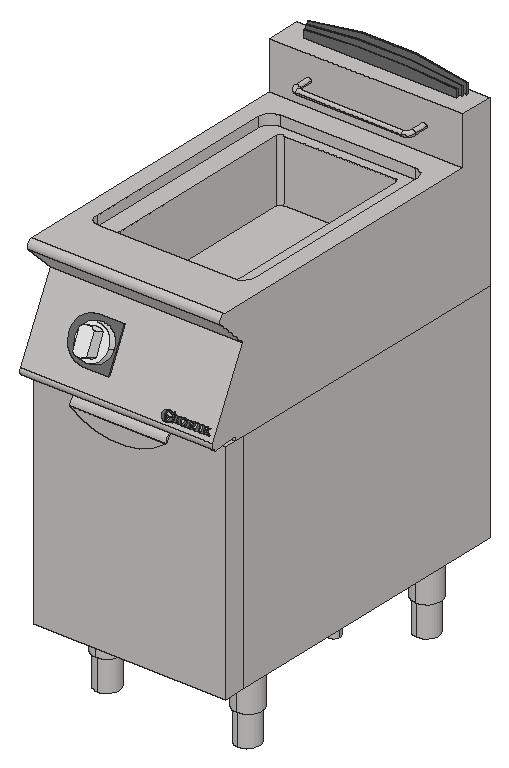
Revit family "QF_GIORIK_FG7413P", category Specialty Equipment, Revit 2014
Parameters (values of type "FG7413P")
  Weight in Pounds = 127.868
  Watts = 100 W
  Volts = 230 V
  URL Cutsheet = "www.giorik.com"
  URL = "www.giorik.com"
  Status [instance] = ""
  Specification by User [instance] = ""
  Specification by Manufacturer = ""
  Show Logo [instance] = yes
  Show Clearance [instance] = yes
  Serial Number = ""
  Seismic Rating = ""
  SMACNA No = ""
  Revision Code [instance] = ""
  Phase = 1
  Number of Poles [instance] = 1
  NAFEM Spec ID Number = ""
  Model = "FG7413P"
  Min Ckt Ampacity = 0 A
  Mechanical Remarks [instance] = "Natural Gas"
  Mechanical Connection Type [instance] = ""
  Max Overcurrent Protection = 0 A
  Masterspec = ""
  Manufacturer = "GIORIK"
  Item Number [instance] = ""
  Installed By [instance] = ""
  Identify Quantity as Lot [instance] = no
  HP = "0.134102000000"
  Gas Size = 1"
  Gas RI Height [instance] = 0 mm
  Gas KW = 12
  Gas Input = 12000 W
  Gas Connection Height [instance] = 150 mm
  Furnished By [instance] = ""
  Foodservice Equipment Identifier [instance] = yes
  FL Amps = 0 A
  Electrical Remarks [instance] = ""
  Electric Connection Type [instance] = ""
  Elec Conn RI Height [instance] = 0 mm
  Elec Conn Connection Height [instance] = 150 mm
  Description = "13 LITRE GAS FRYER."
  Cycle = 50 Hz
  Conn Plug = ""
  Conn Conduit [instance] = no
  CSI MasterFormat = ""
  Assembly Code = "E1090320"
  Apparent Power = 100 VA
Reference planes
  plane 1 "Back": y = 0
  plane 2: z = 0
  plane 3 "Left": x = 0
  plane 4 "Right": x = 400
  plane 5 "Front": y = -720
  plane 6 "Top": z = 900
Forms (mm)
  Extrusion 1, solid, visible <- "Show Logo"
    sketch origin (196.604, -736.761, 609.486) x (-1, 0, 0) y (0, 0.452718, 0.891654)
      loop
        line (-118.824, 58.358) -> (-127.804, 58.358) -> (-125.523, 56.445) -> (-125.523, 48.027) -> (-127.804, 46.113) -> (-118.824, 46.113) -> (-121.105, 48.027) -> (-121.105, 56.445) -> (-118.824, 58.358)
      loop
        line (-163.721, 58.358) -> (-172.7, 58.358) -> (-170.42, 56.445) -> (-170.42, 48.027) -> (-172.7, 46.113) -> (-163.721, 46.113) -> (-166.001, 48.027) -> (-166.001, 56.445) -> (-163.721, 58.358)
      loop
        line (-174.332, 58.358) -> (-183.312, 58.358) -> (-181.031, 56.445) -> (-181.031, 52.435) -> (-186.419, 56.955) -> (-184.416, 58.358) -> (-191.268, 58.358) -> (-188.01, 56.839) -> (-185.455, 54.283) -> (-190.846, 47.858) -> (-193.396, 46.93) -> (-193.396, 46.113) -> (-184.416, 46.113) -> (-185.437, 47.571) -> (-182.443, 51.552) -> (-181.031, 50.894) -> (-181.031, 48.027) -> (-183.312, 46.113) -> (-174.332, 46.113) -> (-176.613, 48.027) -> (-176.613, 56.445) -> (-174.332, 58.358)
      loop
        line (-115.429, 62.063) -> (-115.429, 54.198)
        arc (-115.429, 54.198) -> (-111.618, 57.803) -> (-106.847, 59.986) r 16.039
        arc (-106.847, 59.986) -> (-103.314, 59.837) -> (-100.512, 57.68) r 5.851
        arc (-100.512, 57.68) -> (-98.815, 52.267) -> (-100.512, 46.853) r 9.479
        arc (-100.512, 46.853) -> (-102.406, 44.986) -> (-104.846, 43.93) r 7.236
        arc (-104.846, 43.93) -> (-107.728, 44.111) -> (-110.052, 45.825) r 5.11
        line (-110.052, 45.825) -> (-110.052, 52.001) -> (-116.141, 52.001) -> (-116.141, 45.503) -> (-117.893, 43.751) -> (-114.094, 44.769)
        arc (-114.094, 44.769) -> (-112.56, 44.947) -> (-111.129, 44.366) r 3.115
        arc (-111.129, 44.366) -> (-104.216, 42.091) -> (-97.303, 44.366) r 11.641
        arc (-97.303, 44.366) -> (-93.396, 52.107) -> (-97.303, 59.849) r 9.622
        arc (-97.303, 59.849) -> (-104.369, 62.174) -> (-111.435, 59.849) r 11.898
        line (-111.435, 59.849) -> (-115.429, 62.063)
      loop
        arc (-129.234, 56.068) -> (-135.893, 58.628) -> (-142.552, 56.068) r 9.941
        arc (-142.552, 56.068) -> (-144.234, 52.286) -> (-142.552, 48.505) r 5.093
        arc (-142.552, 48.505) -> (-135.893, 45.945) -> (-129.234, 48.505) r 9.941
        arc (-129.234, 48.505) -> (-127.552, 52.286) -> (-129.234, 56.068) r 5.093
      loop
        arc (-132.628, 54.403) -> (-135.893, 57.668) -> (-139.158, 54.403) r 3.265
        line (-139.158, 54.403) -> (-139.158, 50.169)
        arc (-139.158, 50.169) -> (-135.893, 46.904) -> (-132.628, 50.169) r 3.265
        line (-132.628, 50.169) -> (-132.628, 54.403)
      loop
        arc (-156.363, 58.365) -> (-159.647, 55.081) -> (-156.363, 51.796) r 3.285
        line (-156.363, 51.796) -> (-159.529, 47.306) -> (-162.087, 46.113) -> (-155.847, 46.113) -> (-153.529, 51.083) -> (-150.637, 51.083) -> (-150.637, 47.784) -> (-153.022, 46.113) -> (-144.011, 46.113) -> (-146.094, 47.68) -> (-146.094, 56.493) -> (-144.229, 58.365) -> (-156.363, 58.365)
      loop
        line (-150.637, 57.512) -> (-153.637, 57.512)
        arc (-153.637, 57.512) -> (-156.237, 54.912) -> (-153.637, 52.312) r 2.6
        line (-153.637, 52.312) -> (-150.637, 52.312) -> (-150.637, 57.512)
      loop
        line (-108.924, 52.001) -> (-104.936, 49.005) -> (-100.948, 52.001) -> (-108.924, 52.001)
    from 1.5 to -0.5
  Extrusion 2, solid
    sketch origin (-16, 1025.81, 0) x (1, 0, 0) y (0, 1, 0)
      loop
        line (25, -1086.81) -> (25, -1156.81) -> (115, -1156.81) -> (115, -1086.81) -> (25, -1086.81)
    from 148 to 150
  Extrusion 3, solid
    sketch origin (-14, 0, 130) x (1, 0, 0) y (0, 1, 0)
      loop
        circle (54, -385) r 12.5
    from 0 to 20
  Extrusion 4, solid
    sketch origin (0, 1000, -20) x (0, 1, 0) y (0, 0, 1)
      loop
        line (-1000, 989.988) -> (-1070, 989.988) -> (-1070, 889.988) -> (-1688.806, 889.988)
        arc (-1688.806, 889.988) -> (-1699.151, 883.075) -> (-1696.724, 870.873) r 11.197
        line (-1696.724, 870.873) -> (-1640.876, 815.025) -> (-1718.948, 661.258)
        arc (-1718.948, 661.258) -> (-1718.233, 650.105) -> (-1708.118, 645.354) r 10.981
        line (-1708.118, 645.354) -> (-1660, 649.925) -> (-1660, 640) -> (-1000, 640) -> (-1000, 989.988)
    from 0 to 400
  Extrusion 5, solid
    sketch origin (0, 0, 599.536) x (1, 0, 0) y (0, 1, 0)
      loop
        line (0, -640) -> (40, -640) -> (40, -40) -> (360, -40) -> (360, -640) -> (400, -640) -> (400, 0) -> (0, 0) -> (0, -640)
    from -449.536 to 20.464
  Extrusion 6, solid
    sketch origin (0, 0, 0) x (1, 0, 0) y (0, 1, 0)
      loop
        line (40, -40) -> (40, -640) -> (360, -640) -> (360, -40) -> (40, -40)
    from 150 to 190
  Extrusion 7, solid
    sketch origin (-16, 560.81, 0) x (1, 0, 0) y (0, 1, 0)
      loop
        line (25, -1086.81) -> (25, -1156.81) -> (115, -1156.81) -> (115, -1086.81) -> (25, -1086.81)
    from 148 to 150
  Revolve 8, solid
    sketch origin (54, 560.81, 0) x (0, 1, 0) y (0, 0, 1)
      loop
        line (-1092.56, 66) -> (-1092.56, 148) -> (-1121.81, 148) -> (-1121.81, 0) -> (-1096.81, 0) -> (-1096.81, 66) -> (-1092.56, 66)
      axis (-1121.81, 0) -> (-1121.81, 148)
    angle from 0 to 360
  Revolve 9, solid
    sketch origin (54, 1025.81, 0) x (0, 1, 0) y (0, 0, 1)
      loop
        line (-1092.56, 66) -> (-1092.56, 148) -> (-1121.81, 148) -> (-1121.81, 0) -> (-1096.81, 0) -> (-1096.81, 66) -> (-1092.56, 66)
      axis (-1121.81, 0) -> (-1121.81, 148)
    angle from 0 to 360
  Extrusion 10, solid
    sketch origin (416, 560.81, 0) x (-1, 0, 0) y (0, -1, 0)
      loop
        line (25, 1086.81) -> (115, 1086.81) -> (115, 1156.81) -> (25, 1156.81) -> (25, 1086.81)
    from 148 to 150
  Revolve 11, solid
    sketch origin (346, 560.81, 0) x (0, 1, 0) y (0, 0, -1)
      loop
        line (-1092.56, -66) -> (-1096.81, -66) -> (-1096.81, 0) -> (-1121.81, 0) -> (-1121.81, -148) -> (-1092.56, -148) -> (-1092.56, -66)
      axis (-1121.81, 0) -> (-1121.81, -148)
    angle from 0 to 360
  Extrusion 12, solid
    sketch origin (416, -1217.81, 0) x (-1, 0, 0) y (0, -1, 0)
      loop
        line (25, -1086.81) -> (25, -1156.81) -> (115, -1156.81) -> (115, -1086.81) -> (25, -1086.81)
    from 148 to 150
  Revolve 13, solid
    sketch origin (346, -1217.81, 0) x (0, -1, 0) y (0, 0, 1)
      loop
        line (-1092.56, 66) -> (-1092.56, 148) -> (-1121.81, 148) -> (-1121.81, 0) -> (-1096.81, 0) -> (-1096.81, 66) -> (-1092.56, 66)
      axis (-1121.81, 0) -> (-1121.81, 148)
    angle from 0 to 360
  Extrusion 14, solid
    sketch origin (-293.221, -963.345, 52.363) x (1, 0, 0) y (0, 0.452718, 0.891654)
      loop
        line (463.221, 676.25) -> (463.221, 766.25) -> (409.698, 766.25)
        arc (409.698, 766.25) -> (364.698, 721.25) -> (409.698, 676.25) r 45
        line (409.698, 676.25) -> (463.221, 676.25)
    from 48 to 50
  Extrusion 15, solid
    sketch origin (481.331, -1008.697, 74.959) x (-1, 0, 0) y (0, -0.45351, -0.891251)
      loop
        circle (351.331, -721.346) r 35
    from 0 to 15
  Extrusion 16, solid
    sketch origin (481.331, -1008.697, 74.959) x (-1, 0, 0) y (0, -0.45351, -0.891251)
      loop
        arc (336.331, -743.846) -> (351.331, -748.846) -> (366.331, -743.846) r 25
        line (366.331, -743.846) -> (366.331, -698.846)
        arc (366.331, -698.846) -> (351.331, -693.846) -> (336.331, -698.846) r 25
        line (336.331, -698.846) -> (336.331, -743.846)
    from 15 to 40
  Extrusion 17, solid
    sketch origin (-94, 0, 59.999) x (1, 0, 0) y (0, 0, 1)
      loop
        line (135, 909.989) -> (453, 909.989) -> (453, 925.527) -> (347.056, 931.749) -> (240.944, 931.749) -> (135, 925.527) -> (135, 909.989)
    from 32 to 35
  Extrusion 18, solid
    sketch origin (-92, 10, 59.999) x (1, 0, 0) y (0, 0, 1)
      loop
        line (454, 909.989) -> (454, 928.527) -> (346.162, 939.193) -> (237.838, 939.193) -> (130, 928.527) -> (130, 909.989) -> (454, 909.989)
    from 32 to 35
  Extrusion 19, solid
    sketch origin (-90, 20, 59.999) x (1, 0, 0) y (0, 0, 1)
      loop
        line (455, 909.989) -> (455, 930.527) -> (345.396, 947.413) -> (234.604, 947.413) -> (125, 930.527) -> (125, 909.989) -> (455, 909.989)
    from 32 to 35
  Extrusion 20, void
    sketch origin (0, 0, 819.988) x (0, 1, 0) y (-1, 0, 0)
      loop
        arc (-120, -60) -> (-127.322, -42.322) -> (-145, -35) r 25
        line (-145, -35) -> (-565.002, -35)
        arc (-565.002, -35) -> (-582.68, -42.322) -> (-590.002, -60) r 25
        line (-590.002, -60) -> (-590.002, -340)
        arc (-590.002, -340) -> (-582.68, -357.678) -> (-565.002, -365) r 25
        line (-565.002, -365) -> (-145, -365)
        arc (-145, -365) -> (-127.322, -357.678) -> (-120, -340) r 25
        line (-120, -340) -> (-120, -60)
    from -100 to 50
  Extrusion 21, solid
    sketch origin (0, 0, 900) x (0, 1, 0) y (-1, 0, 0)
      loop
        arc (-120, -60) -> (-127.322, -42.322) -> (-145, -35) r 25
        line (-145, -35) -> (-565.002, -35)
        arc (-565.002, -35) -> (-582.68, -42.322) -> (-590.002, -60) r 25
        line (-590.002, -60) -> (-590.002, -340)
        arc (-590.002, -340) -> (-582.68, -357.678) -> (-565.002, -365) r 25
        line (-565.002, -365) -> (-145, -365)
        arc (-145, -365) -> (-127.322, -357.678) -> (-120, -340) r 25
        line (-120, -340) -> (-120, -60)
      loop
        arc (-140, -85.011) -> (-142.929, -77.94) -> (-150, -75.011) r 10
        line (-150, -75.011) -> (-555.002, -75.011)
        arc (-555.002, -75.011) -> (-562.073, -77.94) -> (-565.002, -85.011) r 10
        line (-565.002, -85.011) -> (-565.002, -315)
        arc (-565.002, -315) -> (-562.073, -322.071) -> (-555.002, -325) r 10
        line (-555.002, -325) -> (-150, -325)
        arc (-150, -325) -> (-142.929, -322.071) -> (-140, -315) r 10
        line (-140, -315) -> (-140, -85.011)
    from -180.012 to -50
  Extrusion 22, solid
    sketch origin (0, -725, 0) x (1, 0, 0) y (0, 0, 1)
      loop
        line (0, 620) -> (0, 150) -> (400, 150) -> (400, 620) -> (0, 620)
    from -85 to -40
  Extrusion 23, solid
    sketch origin (2.5, -725, -20.1) x (0, 1, 0) y (0, 0, 1)
      loop
        arc (25, 640.1) -> (14.393, 635.707) -> (10, 625.1) r 15
        line (10, 625.1) -> (12, 625.1)
        arc (12, 625.1) -> (15.808, 634.292) -> (25, 638.1) r 13
        line (25, 638.1) -> (40, 638.1) -> (40, 640.1) -> (25, 640.1)
    from 97.5 to 297.5
  Extrusion 24, solid
    sketch origin (2.5, -724.905, -20.1) x (1, 0, 0) y (0, 0, 1)
      loop
        arc (97.5, 625.1) -> (197.5, 590.089) -> (297.5, 625.1) r 160.316
        line (297.5, 625.1) -> (97.5, 625.1)
    from -11.905 to -9.905
  Extrusion 25, solid, visible <- "Show Clearance", detail levels coarse
    sketch origin (395, -725, 0) x (-1, 0, 0) y (0, -1, 0)
      loop
        line (-5, -40) -> (395, -40)
        arc (395, -40) -> (277.534, 241.069) -> (-5, 354.968) r 395
        line (-5, 354.968) -> (-5, -40)
    from 150 to 620
  Extrusion 26, solid
    sketch origin (0, 0, 100) x (0, 1, 0) y (-1, 0, 0)
      loop
        circle (-380, -380) r 12.5
    from 30 to 50
  Sweep 27, solid
    path origin (0, 0, 919.988) x (0, 1, 0) y (-1, 0, 0)
      loop
        line (-70, -80) -> (-100, -80)
        arc (-100, -80) -> (-107.071, -82.929) -> (-110, -90) r 10
        line (-110, -90) -> (-110, -310)
        arc (-110, -310) -> (-107.071, -317.071) -> (-100, -320) r 10
        line (-100, -320) -> (-70, -320)
    profile origin (80, -85, 919.988) x (1, 0, 0) y (0, 0, 1)
      loop
        circle (0, 0) r 5
Cuts and joins
  Extrusion 20 cuts Extrusion 4
Lines and regions (mm)
  symbolic lines, style "200-EquipBorder-2D"
    curve 1: line (0, -720, 0) -> (400, -720, 0)
    curve 2: line (400, -720, 0) -> (400, 0, 0)
    curve 3: line (400, 0, 0) -> (0, 0, 0)
    curve 4: line (0, 0, 0) -> (0, -720, 0)
  symbolic lines, style "200-EquipInternal-2D"
    curve 5: line (35, -12, 900) -> (365, -12, 900)
    curve 6: line (365, -12, 900) -> (365, -15, 900)
    curve 7: line (365, -15, 900) -> (35, -15, 900)
    curve 8: line (35, -15, 900) -> (35, -12, 900)
    curve 9: line (38, -22, 900) -> (362, -22, 900)
    curve 10: line (362, -22, 900) -> (362, -25, 900)
    curve 11: line (362, -25, 900) -> (38, -25, 900)
    curve 12: line (38, -25, 900) -> (38, -22, 900)
    curve 13: line (41, -32, 900) -> (359, -32, 900)
    curve 14: line (359, -32, 900) -> (359, -35, 900)
    curve 15: line (359, -35, 900) -> (41, -35, 900)
    curve 16: line (41, -35, 900) -> (41, -32, 900)
    curve 17: line (340, -120, 900) -> (60, -120, 900)
    curve 18: arc (60, -120, 900) -> (42.322, -127.322, 900) -> (35, -145, 900) r 25
    curve 19: line (35, -145, 900) -> (35, -565, 900)
    curve 20: arc (365, -145, 900) -> (357.678, -127.322, 900) -> (340, -120, 900) r 25
    curve 21: arc (340, -590, 900) -> (356.212, -584.031, 900) -> (364.682, -568.975, 900) r 25
    curve 22: line (60, -590, 900) -> (340, -590, 900)
    curve 23: arc (35, -565, 900) -> (42.322, -582.678, 900) -> (60, -590, 900) r 25
    curve 24: line (365, -565.002, 900) -> (365, -145, 900)
    curve 27: line (85, -140, 900) -> (315, -140, 900)
    curve 28: line (325, -150, 900) -> (325, -555.002, 900)
    curve 29: line (75, -555.002, 900) -> (75, -150, 900)
    curve 30: line (315, -565.002, 900) -> (85, -565.002, 900)
    curve 31: arc (85, -140, 900) -> (77.929, -142.929, 900) -> (75, -150, 900) r 10
    curve 32: arc (315, -140, 900) -> (322.071, -142.929, 900) -> (325, -150, 900) r 10
    curve 33: arc (75, -555.002, 900) -> (77.929, -562.073, 900) -> (85, -565.002, 900) r 10
    curve 34: arc (315, -565.002, 900) -> (322.071, -562.073, 900) -> (325, -555.002, 900) r 10
    curve 35: line (75, -70, 900) -> (75, -99.667, 900)
    curve 36: line (85, -100, 900) -> (85, -70, 900)
    curve 37: line (89.989, -104.989, 900) -> (310.27, -104.989, 900)
    curve 38: line (315.032, -100.227, 900) -> (315.032, -70, 900)
    curve 39: line (325.032, -70, 900) -> (325.032, -100.301, 900)
    curve 40: line (310.333, -115, 900) -> (90.333, -115, 900)
    curve 41: arc (90.333, -115, 900) -> (79.491, -110.509, 900) -> (75, -99.667, 900) r 15.333
    curve 42: arc (85, -100, 900) -> (86.461, -103.528, 900) -> (89.989, -104.989, 900) r 4.989
    curve 43: arc (310.333, -115, 900) -> (320.727, -110.695, 900) -> (325.032, -100.301, 900) r 14.699
    curve 44: arc (315.032, -100.227, 900) -> (313.637, -103.594, 900) -> (310.27, -104.989, 900) r 4.762
    curve 45: line (85, -70, 900) -> (315.032, -70, 900)
    curve 46: line (0, -70, 900) -> (75, -70, 900)
    curve 47: line (325, -70, 900) -> (400, -70, 900)
  symbolic lines, style "QF_Door-Drawer Clearances", visible <- "Show Clearance", detail levels coarse
    curve 25: arc (400, -1079.968, 0) -> (130.204, -978.101, 0) -> (1.554, -720, 0) r 395
    curve 26: line (400, -720, 0) -> (400, -1079.968, 0)
Dimensions and locks
  plane 3 "Left" to plane 4 "Right" = 400 mm
  plane 5 "Front" to plane 1 "Back" = 720 mm
  plane 4 "Right" to plane 3 "Left" = 400 mm
  plane 1 "Back" to plane 5 "Front" = 720 mm
  plane 6 "Top" to level = 900 mm  (x2)
  aligned and locked: level to plane 2
Connectors
  electrical at (380, -380, 130), driven by "Apparent Power", driven by "Volts", driven by "Number of Poles"
    settings: on Extrusion 26, index 1, voltage 230 V, apparent load 0 VA, apparent load phase1 100 VA, apparent load phase2 0 VA, apparent load phase3 0 VA, power factor 1, load classification "Other", number of poles 1, system type 31, power factor state 1, is connector primary yes, connector utility no, sub classification motor no, connector description "Electrical connection"
  piping at (40, -385, 130), diameter 25.4, driven by "Gas Size"
    settings: on Extrusion 3, index 2, connector inside diameter 24", connector length 0 mm, flow factor 0, pipe flow 0.0 L/s, pressure drop 0.0 Pa, fitting loss kfactor 0, connector angle 0.00°, fixture units 0, engagement length 0 mm, angle of deflection 0.00°, flow configuration 1, flow direction 1, fitting loss method 0, system type 22, joint type 0, gender type 0, connector reference index -1, connector utility 0, adjustable connector no, is connector primary yes, connector description "Gas inlet"
